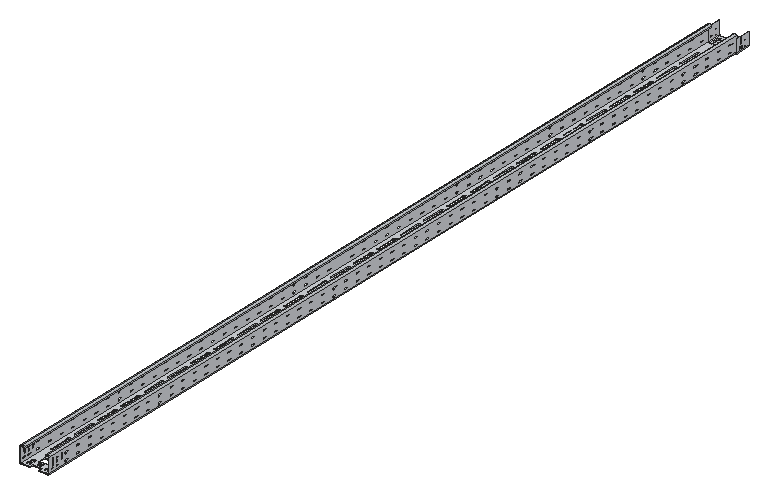
Revit family "Kabelrinne MKS Magic-MKSM Kabelrinne 1 mm, FT,FS", category Generic Models, Revit 2017 (continued)
Forms (mm)
  Extrusion 308, void
    sketch origin (0, 2236.828, 0) x (1, 0, 0) y (0, 1, 0)
      loop
        line (-15, 63.54) -> (-15, 38.12) -> (15, 38.12) -> (15, 63.54) -> (-15, 63.54)
    from 0 to 1
  Extrusion 309, void
    sketch origin (0, 2287.665, 0) x (1, 0, 0) y (0, 1, 0)
      loop
        line (-15, 63.54) -> (-15, 38.12) -> (15, 38.12) -> (15, 63.54) -> (-15, 63.54)
    from 0 to 1
  Extrusion 310, void
    sketch origin (0, 2338.502, 0) x (1, 0, 0) y (0, 1, 0)
      loop
        line (-15, 63.54) -> (-15, 38.12) -> (15, 38.12) -> (15, 63.54) -> (-15, 63.54)
    from 0 to 1
  Extrusion 311, void
    sketch origin (0, 2389.339, 0) x (1, 0, 0) y (0, 1, 0)
      loop
        line (-15, 63.54) -> (-15, 38.12) -> (15, 38.12) -> (15, 63.54) -> (-15, 63.54)
    from 0 to 1
  Extrusion 312, void
    sketch origin (0, 2440.176, 0) x (1, 0, 0) y (0, 1, 0)
      loop
        line (-15, 63.54) -> (-15, 38.12) -> (15, 38.12) -> (15, 63.54) -> (-15, 63.54)
    from 0 to 1
  Extrusion 313, void
    sketch origin (0, 2491.013, 0) x (1, 0, 0) y (0, 1, 0)
      loop
        line (-15, 63.54) -> (-15, 38.12) -> (15, 38.12) -> (15, 63.54) -> (-15, 63.54)
    from 0 to 1
  Extrusion 314, void
    sketch origin (0, 2541.85, 0) x (1, 0, 0) y (0, 1, 0)
      loop
        line (-15, 63.54) -> (-15, 38.12) -> (15, 38.12) -> (15, 63.54) -> (-15, 63.54)
    from 0 to 1
  Extrusion 315, void
    sketch origin (0, 2592.687, 0) x (1, 0, 0) y (0, 1, 0)
      loop
        line (-15, 63.54) -> (-15, 38.12) -> (15, 38.12) -> (15, 63.54) -> (-15, 63.54)
    from 0 to 1
  Extrusion 316, void
    sketch origin (0, 2643.524, 0) x (1, 0, 0) y (0, 1, 0)
      loop
        line (-15, 63.54) -> (-15, 38.12) -> (15, 38.12) -> (15, 63.54) -> (-15, 63.54)
    from 0 to 1
  Extrusion 317, void
    sketch origin (0, 2694.361, 0) x (1, 0, 0) y (0, 1, 0)
      loop
        line (-15, 63.54) -> (-15, 38.12) -> (15, 38.12) -> (15, 63.54) -> (-15, 63.54)
    from 0 to 1
  Extrusion 318, void
    sketch origin (0, 2745.198, 0) x (1, 0, 0) y (0, 1, 0)
      loop
        line (-15, 63.54) -> (-15, 38.12) -> (15, 38.12) -> (15, 63.54) -> (-15, 63.54)
    from 0 to 1
  Extrusion 319, void
    sketch origin (0, 2796.035, 0) x (1, 0, 0) y (0, 1, 0)
      loop
        line (-15, 63.54) -> (-15, 38.12) -> (15, 38.12) -> (15, 63.54) -> (-15, 63.54)
    from 0 to 1
  Extrusion 320, void
    sketch origin (0, 2846.872, 0) x (1, 0, 0) y (0, 1, 0)
      loop
        line (-15, 63.54) -> (-15, 38.12) -> (15, 38.12) -> (15, 63.54) -> (-15, 63.54)
    from 0 to 1
  Extrusion 321, void
    sketch origin (0, 2897.709, 0) x (1, 0, 0) y (0, 1, 0)
      loop
        line (-15, 63.54) -> (-15, 38.12) -> (15, 38.12) -> (15, 63.54) -> (-15, 63.54)
    from 0 to 1
  Extrusion 322, void
    sketch origin (3.693, 0, 0) x (1, 0, 0) y (0, 1, 0)
      loop
        circle (-3.693, 76.25) r 5.5
    from 0 to 1
  Extrusion 323, void
    sketch origin (3.693, 101.693, 0) x (1, 0, 0) y (0, 1, 0)
      loop
        circle (-3.693, 76.25) r 5.5
    from 0 to 1
  Extrusion 324, void
    sketch origin (3.693, 203.41, 0) x (1, 0, 0) y (0, 1, 0)
      loop
        circle (-3.693, 76.25) r 5.5
    from 0 to 1
  Extrusion 325, void
    sketch origin (3.693, 305.128, 0) x (1, 0, 0) y (0, 1, 0)
      loop
        circle (-3.693, 76.25) r 5.5
    from 0 to 1
  Extrusion 326, void
    sketch origin (3.693, 406.846, 0) x (1, 0, 0) y (0, 1, 0)
      loop
        circle (-3.693, 76.25) r 5.5
    from 0 to 1
  Extrusion 327, void
    sketch origin (3.693, 508.564, 0) x (1, 0, 0) y (0, 1, 0)
      loop
        circle (-3.693, 76.25) r 5.5
    from 0 to 1
  Extrusion 328, void
    sketch origin (3.693, 610.281, 0) x (1, 0, 0) y (0, 1, 0)
      loop
        circle (-3.693, 76.25) r 5.5
    from 0 to 1
  Extrusion 329, void
    sketch origin (3.693, 711.999, 0) x (1, 0, 0) y (0, 1, 0)
      loop
        circle (-3.693, 76.25) r 5.5
    from 0 to 1
  Extrusion 330, void
    sketch origin (3.693, 813.717, 0) x (1, 0, 0) y (0, 1, 0)
      loop
        circle (-3.693, 76.25) r 5.5
    from 0 to 1
  Extrusion 331, void
    sketch origin (3.693, 915.434, 0) x (1, 0, 0) y (0, 1, 0)
      loop
        circle (-3.693, 76.25) r 5.5
    from 0 to 1
  Extrusion 332, void
    sketch origin (3.693, 1017.152, 0) x (1, 0, 0) y (0, 1, 0)
      loop
        circle (-3.693, 76.25) r 5.5
    from 0 to 1
  Extrusion 333, void
    sketch origin (3.693, 1118.87, 0) x (1, 0, 0) y (0, 1, 0)
      loop
        circle (-3.693, 76.25) r 5.5
    from 0 to 1
  Extrusion 334, void
    sketch origin (3.693, 1220.587, 0) x (1, 0, 0) y (0, 1, 0)
      loop
        circle (-3.693, 76.25) r 5.5
    from 0 to 1
  Extrusion 335, void
    sketch origin (3.693, 1322.305, 0) x (1, 0, 0) y (0, 1, 0)
      loop
        circle (-3.693, 76.25) r 5.5
    from 0 to 1
  Extrusion 336, void
    sketch origin (3.693, 1424.023, 0) x (1, 0, 0) y (0, 1, 0)
      loop
        circle (-3.693, 76.25) r 5.5
    from 0 to 1
  Extrusion 337, void
    sketch origin (3.693, 1525.74, 0) x (1, 0, 0) y (0, 1, 0)
      loop
        circle (-3.693, 76.25) r 5.5
    from 0 to 1
  Extrusion 338, void
    sketch origin (3.693, 1627.458, 0) x (1, 0, 0) y (0, 1, 0)
      loop
        circle (-3.693, 76.25) r 5.5
    from 0 to 1
  Extrusion 339, void
    sketch origin (3.693, 1729.176, 0) x (1, 0, 0) y (0, 1, 0)
      loop
        circle (-3.693, 76.25) r 5.5
    from 0 to 1
  Extrusion 340, void
    sketch origin (3.693, 1830.893, 0) x (1, 0, 0) y (0, 1, 0)
      loop
        circle (-3.693, 76.25) r 5.5
    from 0 to 1
  Extrusion 341, void
    sketch origin (3.693, 1932.611, 0) x (1, 0, 0) y (0, 1, 0)
      loop
        circle (-3.693, 76.25) r 5.5
    from 0 to 1
  Extrusion 342, void
    sketch origin (3.693, 2034.329, 0) x (1, 0, 0) y (0, 1, 0)
      loop
        circle (-3.693, 76.25) r 5.5
    from 0 to 1
  Extrusion 343, void
    sketch origin (3.693, 2136.046, 0) x (1, 0, 0) y (0, 1, 0)
      loop
        circle (-3.693, 76.25) r 5.5
    from 0 to 1
  Extrusion 344, void
    sketch origin (3.693, 2237.764, 0) x (1, 0, 0) y (0, 1, 0)
      loop
        circle (-3.693, 76.25) r 5.5
    from 0 to 1
  Extrusion 345, void
    sketch origin (3.693, 2339.482, 0) x (1, 0, 0) y (0, 1, 0)
      loop
        circle (-3.693, 76.25) r 5.5
    from 0 to 1
  Extrusion 346, void
    sketch origin (3.693, 2441.199, 0) x (1, 0, 0) y (0, 1, 0)
      loop
        circle (-3.693, 76.25) r 5.5
    from 0 to 1
  Extrusion 347, void
    sketch origin (3.693, 2542.917, 0) x (1, 0, 0) y (0, 1, 0)
      loop
        circle (-3.693, 76.25) r 5.5
    from 0 to 1
  Extrusion 348, void
    sketch origin (3.693, 2644.635, 0) x (1, 0, 0) y (0, 1, 0)
      loop
        circle (-3.693, 76.25) r 5.5
    from 0 to 1
  Extrusion 349, void
    sketch origin (3.693, 2746.352, 0) x (1, 0, 0) y (0, 1, 0)
      loop
        circle (-3.693, 76.25) r 5.5
    from 0 to 1
  Extrusion 350, void
    sketch origin (3.693, 2848.07, 0) x (1, 0, 0) y (0, 1, 0)
      loop
        circle (-3.693, 76.25) r 5.5
    from 0 to 1
  Extrusion 351, solid
    sketch origin (0, 0, 0) x (1, 0, 0) y (0, 0, 1)
      loop
        line (-24.999, 0) -> (-26.984, 0) -> (-31, -2.342) -> (-35.014, 0) -> (-36.999, 0) -> (-31, -3.5) -> (-24.999, 0)
      loop
        line (31.001, -3.5) -> (37.001, 0) -> (35.017, 0) -> (31.001, -2.342) -> (26.986, 0) -> (25.001, 0) -> (31.001, -3.5)
    from -20.5 to -14
  Extrusion 352, void
    sketch origin (0, 0, 0) x (1, 0, 0) y (0, 1, 0)
      loop
        arc (7, 28.986) -> (6.707, 29.693) -> (6, 29.986) r 1
        line (6, 29.986) -> (-6.011, 29.986)
        arc (-6.011, 29.986) -> (-7.006, 29.05) -> (-6.133, 28) r 0.997
        line (-6.133, 28) -> (3.208, 26.853)
        arc (3.208, 26.853) -> (5.008, 24.782) -> (3.137, 22.774) r 2.051
        line (3.137, 22.774) -> (-6.087, 21.967)
        arc (-6.087, 21.967) -> (-6.996, 20.931) -> (-6, 19.977) r 0.997
        line (-6, 19.977) -> (6, 19.977)
        arc (6, 19.977) -> (6.707, 20.27) -> (7, 20.977) r 1
        line (7, 20.977) -> (7, 28.986)
    from 0 to 1
  Extrusion 353, solid
    sketch origin (0, 50.5, 0) x (1, 0, 0) y (0, 0, -1)
      loop
        line (-24.999, 0) -> (-31, 3.5) -> (-36.999, 0) -> (-35.014, 0) -> (-31, 2.342) -> (-26.984, 0) -> (-24.999, 0)
      loop
        line (31.001, 3.5) -> (25.001, 0) -> (26.986, 0) -> (31.001, 2.342) -> (35.017, 0) -> (37.001, 0) -> (31.001, 3.5)
    from -20.5 to -14
  Extrusion 354, void
    sketch origin (0, 0, 0) x (1, 0, 0) y (0, 1, 0)
      loop
        line (-36.999, 36.5) -> (-36.999, 30) -> (-24.999, 30) -> (-24.999, 36.5) -> (-36.999, 36.5)
      loop
        line (25.001, 36.5) -> (25.001, 30) -> (37.001, 30) -> (37.001, 36.5) -> (25.001, 36.5)
    from 0 to 1
  Extrusion 355, void
    sketch origin (0, 0, 0) x (1, 0, 0) y (0, 1, 0)
      loop
        line (-36.999, 20.5) -> (-36.999, 14) -> (-24.999, 14) -> (-24.999, 20.5) -> (-36.999, 20.5)
      loop
        line (25.001, 20.5) -> (25.001, 14) -> (37.001, 14) -> (37.001, 20.5) -> (25.001, 20.5)
    from 0 to 1
  Extrusion 356, void
    sketch origin (0, 0, 0) x (1, 0, 0) y (0, 1, 0)
      loop
        arc (-34.499, 116.346) -> (-30.999, 112.846) -> (-27.499, 116.346) r 3.5
        line (-27.499, 116.346) -> (-27.499, 188.439)
        arc (-27.499, 188.439) -> (-30.999, 191.939) -> (-34.499, 188.439) r 3.5
        line (-34.499, 188.439) -> (-34.499, 116.346)
    from 0 to 1
  Extrusion 357, void
    sketch origin (0, 101.686, 0) x (1, 0, 0) y (0, 1, 0)
      loop
        arc (-34.499, 116.346) -> (-30.999, 112.846) -> (-27.499, 116.346) r 3.5
        line (-27.499, 116.346) -> (-27.499, 188.439)
        arc (-27.499, 188.439) -> (-30.999, 191.939) -> (-34.499, 188.439) r 3.5
        line (-34.499, 188.439) -> (-34.499, 116.346)
    from 0 to 1
  Extrusion 358, void
    sketch origin (0, 203.366, 0) x (1, 0, 0) y (0, 1, 0)
      loop
        arc (-34.499, 116.346) -> (-30.999, 112.846) -> (-27.499, 116.346) r 3.5
        line (-27.499, 116.346) -> (-27.499, 188.439)
        arc (-27.499, 188.439) -> (-30.999, 191.939) -> (-34.499, 188.439) r 3.5
        line (-34.499, 188.439) -> (-34.499, 116.346)
    from 0 to 1
  Extrusion 359, void
    sketch origin (0, 305.046, 0) x (1, 0, 0) y (0, 1, 0)
      loop
        arc (-34.499, 116.346) -> (-30.999, 112.846) -> (-27.499, 116.346) r 3.5
        line (-27.499, 116.346) -> (-27.499, 188.439)
        arc (-27.499, 188.439) -> (-30.999, 191.939) -> (-34.499, 188.439) r 3.5
        line (-34.499, 188.439) -> (-34.499, 116.346)
    from 0 to 1
  Extrusion 360, void
    sketch origin (0, 406.726, 0) x (1, 0, 0) y (0, 1, 0)
      loop
        arc (-34.499, 116.346) -> (-30.999, 112.846) -> (-27.499, 116.346) r 3.5
        line (-27.499, 116.346) -> (-27.499, 188.439)
        arc (-27.499, 188.439) -> (-30.999, 191.939) -> (-34.499, 188.439) r 3.5
        line (-34.499, 188.439) -> (-34.499, 116.346)
    from 0 to 1
  Extrusion 361, void
    sketch origin (0, 508.406, 0) x (1, 0, 0) y (0, 1, 0)
      loop
        arc (-34.499, 116.346) -> (-30.999, 112.846) -> (-27.499, 116.346) r 3.5
        line (-27.499, 116.346) -> (-27.499, 188.439)
        arc (-27.499, 188.439) -> (-30.999, 191.939) -> (-34.499, 188.439) r 3.5
        line (-34.499, 188.439) -> (-34.499, 116.346)
    from 0 to 1
  Extrusion 362, void
    sketch origin (0, 610.086, 0) x (1, 0, 0) y (0, 1, 0)
      loop
        arc (-34.499, 116.346) -> (-30.999, 112.846) -> (-27.499, 116.346) r 3.5
        line (-27.499, 116.346) -> (-27.499, 188.439)
        arc (-27.499, 188.439) -> (-30.999, 191.939) -> (-34.499, 188.439) r 3.5
        line (-34.499, 188.439) -> (-34.499, 116.346)
    from 0 to 1
  Extrusion 363, void
    sketch origin (0, 711.766, 0) x (1, 0, 0) y (0, 1, 0)
      loop
        arc (-34.499, 116.346) -> (-30.999, 112.846) -> (-27.499, 116.346) r 3.5
        line (-27.499, 116.346) -> (-27.499, 188.439)
        arc (-27.499, 188.439) -> (-30.999, 191.939) -> (-34.499, 188.439) r 3.5
        line (-34.499, 188.439) -> (-34.499, 116.346)
    from 0 to 1
  Extrusion 364, void
    sketch origin (0, 813.446, 0) x (1, 0, 0) y (0, 1, 0)
      loop
        arc (-34.499, 116.346) -> (-30.999, 112.846) -> (-27.499, 116.346) r 3.5
        line (-27.499, 116.346) -> (-27.499, 188.439)
        arc (-27.499, 188.439) -> (-30.999, 191.939) -> (-34.499, 188.439) r 3.5
        line (-34.499, 188.439) -> (-34.499, 116.346)
    from 0 to 1
  Extrusion 365, void
    sketch origin (0, 915.126, 0) x (1, 0, 0) y (0, 1, 0)
      loop
        arc (-34.499, 116.346) -> (-30.999, 112.846) -> (-27.499, 116.346) r 3.5
        line (-27.499, 116.346) -> (-27.499, 188.439)
        arc (-27.499, 188.439) -> (-30.999, 191.939) -> (-34.499, 188.439) r 3.5
        line (-34.499, 188.439) -> (-34.499, 116.346)
    from 0 to 1
  Extrusion 366, void
    sketch origin (0, 1016.806, 0) x (1, 0, 0) y (0, 1, 0)
      loop
        arc (-34.499, 116.346) -> (-30.999, 112.846) -> (-27.499, 116.346) r 3.5
        line (-27.499, 116.346) -> (-27.499, 188.439)
        arc (-27.499, 188.439) -> (-30.999, 191.939) -> (-34.499, 188.439) r 3.5
        line (-34.499, 188.439) -> (-34.499, 116.346)
    from 0 to 1
  Extrusion 367, void
    sketch origin (0, 1118.486, 0) x (1, 0, 0) y (0, 1, 0)
      loop
        arc (-34.499, 116.346) -> (-30.999, 112.846) -> (-27.499, 116.346) r 3.5
        line (-27.499, 116.346) -> (-27.499, 188.439)
        arc (-27.499, 188.439) -> (-30.999, 191.939) -> (-34.499, 188.439) r 3.5
        line (-34.499, 188.439) -> (-34.499, 116.346)
    from 0 to 1
  Extrusion 368, void
    sketch origin (0, 1220.166, 0) x (1, 0, 0) y (0, 1, 0)
      loop
        arc (-34.499, 116.346) -> (-30.999, 112.846) -> (-27.499, 116.346) r 3.5
        line (-27.499, 116.346) -> (-27.499, 188.439)
        arc (-27.499, 188.439) -> (-30.999, 191.939) -> (-34.499, 188.439) r 3.5
        line (-34.499, 188.439) -> (-34.499, 116.346)
    from 0 to 1
  Extrusion 369, void
    sketch origin (0, 1321.846, 0) x (1, 0, 0) y (0, 1, 0)
      loop
        arc (-34.499, 116.346) -> (-30.999, 112.846) -> (-27.499, 116.346) r 3.5
        line (-27.499, 116.346) -> (-27.499, 188.439)
        arc (-27.499, 188.439) -> (-30.999, 191.939) -> (-34.499, 188.439) r 3.5
        line (-34.499, 188.439) -> (-34.499, 116.346)
    from 0 to 1
  Extrusion 370, void
    sketch origin (0, 1423.526, 0) x (1, 0, 0) y (0, 1, 0)
      loop
        arc (-34.499, 116.346) -> (-30.999, 112.846) -> (-27.499, 116.346) r 3.5
        line (-27.499, 116.346) -> (-27.499, 188.439)
        arc (-27.499, 188.439) -> (-30.999, 191.939) -> (-34.499, 188.439) r 3.5
        line (-34.499, 188.439) -> (-34.499, 116.346)
    from 0 to 1
  Extrusion 371, void
    sketch origin (0, 1525.206, 0) x (1, 0, 0) y (0, 1, 0)
      loop
        arc (-34.499, 116.346) -> (-30.999, 112.846) -> (-27.499, 116.346) r 3.5
        line (-27.499, 116.346) -> (-27.499, 188.439)
        arc (-27.499, 188.439) -> (-30.999, 191.939) -> (-34.499, 188.439) r 3.5
        line (-34.499, 188.439) -> (-34.499, 116.346)
    from 0 to 1
  Extrusion 372, void
    sketch origin (0, 1626.886, 0) x (1, 0, 0) y (0, 1, 0)
      loop
        arc (-34.499, 116.346) -> (-30.999, 112.846) -> (-27.499, 116.346) r 3.5
        line (-27.499, 116.346) -> (-27.499, 188.439)
        arc (-27.499, 188.439) -> (-30.999, 191.939) -> (-34.499, 188.439) r 3.5
        line (-34.499, 188.439) -> (-34.499, 116.346)
    from 0 to 1
  Extrusion 373, void
    sketch origin (0, 1728.566, 0) x (1, 0, 0) y (0, 1, 0)
      loop
        arc (-34.499, 116.346) -> (-30.999, 112.846) -> (-27.499, 116.346) r 3.5
        line (-27.499, 116.346) -> (-27.499, 188.439)
        arc (-27.499, 188.439) -> (-30.999, 191.939) -> (-34.499, 188.439) r 3.5
        line (-34.499, 188.439) -> (-34.499, 116.346)
    from 0 to 1
  Extrusion 374, void
    sketch origin (0, 1830.246, 0) x (1, 0, 0) y (0, 1, 0)
      loop
        arc (-34.499, 116.346) -> (-30.999, 112.846) -> (-27.499, 116.346) r 3.5
        line (-27.499, 116.346) -> (-27.499, 188.439)
        arc (-27.499, 188.439) -> (-30.999, 191.939) -> (-34.499, 188.439) r 3.5
        line (-34.499, 188.439) -> (-34.499, 116.346)
    from 0 to 1
  Extrusion 375, void
    sketch origin (0, 1931.926, 0) x (1, 0, 0) y (0, 1, 0)
      loop
        arc (-34.499, 116.346) -> (-30.999, 112.846) -> (-27.499, 116.346) r 3.5
        line (-27.499, 116.346) -> (-27.499, 188.439)
        arc (-27.499, 188.439) -> (-30.999, 191.939) -> (-34.499, 188.439) r 3.5
        line (-34.499, 188.439) -> (-34.499, 116.346)
    from 0 to 1
  Extrusion 376, void
    sketch origin (0, 2033.606, 0) x (1, 0, 0) y (0, 1, 0)
      loop
        arc (-34.499, 116.346) -> (-30.999, 112.846) -> (-27.499, 116.346) r 3.5
        line (-27.499, 116.346) -> (-27.499, 188.439)
        arc (-27.499, 188.439) -> (-30.999, 191.939) -> (-34.499, 188.439) r 3.5
        line (-34.499, 188.439) -> (-34.499, 116.346)
    from 0 to 1
  Extrusion 377, void
    sketch origin (0, 2135.286, 0) x (1, 0, 0) y (0, 1, 0)
      loop
        arc (-34.499, 116.346) -> (-30.999, 112.846) -> (-27.499, 116.346) r 3.5
        line (-27.499, 116.346) -> (-27.499, 188.439)
        arc (-27.499, 188.439) -> (-30.999, 191.939) -> (-34.499, 188.439) r 3.5
        line (-34.499, 188.439) -> (-34.499, 116.346)
    from 0 to 1
  Extrusion 378, void
    sketch origin (0, 2236.965, 0) x (1, 0, 0) y (0, 1, 0)
      loop
        arc (-34.499, 116.346) -> (-30.999, 112.846) -> (-27.499, 116.346) r 3.5
        line (-27.499, 116.346) -> (-27.499, 188.439)
        arc (-27.499, 188.439) -> (-30.999, 191.939) -> (-34.499, 188.439) r 3.5
        line (-34.499, 188.439) -> (-34.499, 116.346)
    from 0 to 1
  Extrusion 379, void
    sketch origin (0, 2338.645, 0) x (1, 0, 0) y (0, 1, 0)
      loop
        arc (-34.499, 116.346) -> (-30.999, 112.846) -> (-27.499, 116.346) r 3.5
        line (-27.499, 116.346) -> (-27.499, 188.439)
        arc (-27.499, 188.439) -> (-30.999, 191.939) -> (-34.499, 188.439) r 3.5
        line (-34.499, 188.439) -> (-34.499, 116.346)
    from 0 to 1
  Extrusion 380, void
    sketch origin (0, 2440.325, 0) x (1, 0, 0) y (0, 1, 0)
      loop
        arc (-34.499, 116.346) -> (-30.999, 112.846) -> (-27.499, 116.346) r 3.5
        line (-27.499, 116.346) -> (-27.499, 188.439)
        arc (-27.499, 188.439) -> (-30.999, 191.939) -> (-34.499, 188.439) r 3.5
        line (-34.499, 188.439) -> (-34.499, 116.346)
    from 0 to 1
  Extrusion 381, void
    sketch origin (0, 2542.005, 0) x (1, 0, 0) y (0, 1, 0)
      loop
        arc (-34.499, 116.346) -> (-30.999, 112.846) -> (-27.499, 116.346) r 3.5
        line (-27.499, 116.346) -> (-27.499, 188.439)
        arc (-27.499, 188.439) -> (-30.999, 191.939) -> (-34.499, 188.439) r 3.5
        line (-34.499, 188.439) -> (-34.499, 116.346)
    from 0 to 1
  Extrusion 382, void
    sketch origin (0, 2643.685, 0) x (1, 0, 0) y (0, 1, 0)
      loop
        arc (-34.499, 116.346) -> (-30.999, 112.846) -> (-27.499, 116.346) r 3.5
        line (-27.499, 116.346) -> (-27.499, 188.439)
        arc (-27.499, 188.439) -> (-30.999, 191.939) -> (-34.499, 188.439) r 3.5
        line (-34.499, 188.439) -> (-34.499, 116.346)
    from 0 to 1
  Extrusion 383, void
    sketch origin (0, 2745.365, 0) x (1, 0, 0) y (0, 1, 0)
      loop
        arc (-34.499, 116.346) -> (-30.999, 112.846) -> (-27.499, 116.346) r 3.5
        line (-27.499, 116.346) -> (-27.499, 188.439)
        arc (-27.499, 188.439) -> (-30.999, 191.939) -> (-34.499, 188.439) r 3.5
        line (-34.499, 188.439) -> (-34.499, 116.346)
    from 0 to 1
  Extrusion 384, void
    sketch origin (0, 0, 0) x (1, 0, 0) y (0, 1, 0)
      loop
        arc (27.501, 116.415) -> (31.001, 112.915) -> (34.501, 116.415) r 3.5
        line (34.501, 116.415) -> (34.501, 188.377)
        arc (34.501, 188.377) -> (31.001, 191.877) -> (27.501, 188.377) r 3.5
        line (27.501, 188.377) -> (27.501, 116.415)
    from 0 to 1
  Extrusion 385, void
    sketch origin (0, 101.703, 0) x (1, 0, 0) y (0, 1, 0)
      loop
        arc (27.501, 116.415) -> (31.001, 112.915) -> (34.501, 116.415) r 3.5
        line (34.501, 116.415) -> (34.501, 188.377)
        arc (34.501, 188.377) -> (31.001, 191.877) -> (27.501, 188.377) r 3.5
        line (27.501, 188.377) -> (27.501, 116.415)
    from 0 to 1
  Extrusion 386, void
    sketch origin (0, 203.385, 0) x (1, 0, 0) y (0, 1, 0)
      loop
        arc (27.501, 116.415) -> (31.001, 112.915) -> (34.501, 116.415) r 3.5
        line (34.501, 116.415) -> (34.501, 188.377)
        arc (34.501, 188.377) -> (31.001, 191.877) -> (27.501, 188.377) r 3.5
        line (27.501, 188.377) -> (27.501, 116.415)
    from 0 to 1
  Extrusion 387, void
    sketch origin (0, 305.068, 0) x (1, 0, 0) y (0, 1, 0)
      loop
        arc (27.501, 116.415) -> (31.001, 112.915) -> (34.501, 116.415) r 3.5
        line (34.501, 116.415) -> (34.501, 188.377)
        arc (34.501, 188.377) -> (31.001, 191.877) -> (27.501, 188.377) r 3.5
        line (27.501, 188.377) -> (27.501, 116.415)
    from 0 to 1
  Extrusion 388, void
    sketch origin (0, 406.75, 0) x (1, 0, 0) y (0, 1, 0)
      loop
        arc (27.501, 116.415) -> (31.001, 112.915) -> (34.501, 116.415) r 3.5
        line (34.501, 116.415) -> (34.501, 188.377)
        arc (34.501, 188.377) -> (31.001, 191.877) -> (27.501, 188.377) r 3.5
        line (27.501, 188.377) -> (27.501, 116.415)
    from 0 to 1
  Extrusion 389, void
    sketch origin (0, 508.433, 0) x (1, 0, 0) y (0, 1, 0)
      loop
        arc (27.501, 116.415) -> (31.001, 112.915) -> (34.501, 116.415) r 3.5
        line (34.501, 116.415) -> (34.501, 188.377)
        arc (34.501, 188.377) -> (31.001, 191.877) -> (27.501, 188.377) r 3.5
        line (27.501, 188.377) -> (27.501, 116.415)
    from 0 to 1
  Extrusion 390, void
    sketch origin (0, 610.115, 0) x (1, 0, 0) y (0, 1, 0)
      loop
        arc (27.501, 116.415) -> (31.001, 112.915) -> (34.501, 116.415) r 3.5
        line (34.501, 116.415) -> (34.501, 188.377)
        arc (34.501, 188.377) -> (31.001, 191.877) -> (27.501, 188.377) r 3.5
        line (27.501, 188.377) -> (27.501, 116.415)
    from 0 to 1
  Extrusion 391, void
    sketch origin (0, 711.798, 0) x (1, 0, 0) y (0, 1, 0)
      loop
        arc (27.501, 116.415) -> (31.001, 112.915) -> (34.501, 116.415) r 3.5
        line (34.501, 116.415) -> (34.501, 188.377)
        arc (34.501, 188.377) -> (31.001, 191.877) -> (27.501, 188.377) r 3.5
        line (27.501, 188.377) -> (27.501, 116.415)
    from 0 to 1
  Extrusion 392, void
    sketch origin (0, 813.481, 0) x (1, 0, 0) y (0, 1, 0)
      loop
        arc (27.501, 116.415) -> (31.001, 112.915) -> (34.501, 116.415) r 3.5
        line (34.501, 116.415) -> (34.501, 188.377)
        arc (34.501, 188.377) -> (31.001, 191.877) -> (27.501, 188.377) r 3.5
        line (27.501, 188.377) -> (27.501, 116.415)
    from 0 to 1
  Extrusion 393, void
    sketch origin (0, 915.163, 0) x (1, 0, 0) y (0, 1, 0)
      loop
        arc (27.501, 116.415) -> (31.001, 112.915) -> (34.501, 116.415) r 3.5
        line (34.501, 116.415) -> (34.501, 188.377)
        arc (34.501, 188.377) -> (31.001, 191.877) -> (27.501, 188.377) r 3.5
        line (27.501, 188.377) -> (27.501, 116.415)
    from 0 to 1
  Extrusion 394, void
    sketch origin (0, 1016.846, 0) x (1, 0, 0) y (0, 1, 0)
      loop
        arc (27.501, 116.415) -> (31.001, 112.915) -> (34.501, 116.415) r 3.5
        line (34.501, 116.415) -> (34.501, 188.377)
        arc (34.501, 188.377) -> (31.001, 191.877) -> (27.501, 188.377) r 3.5
        line (27.501, 188.377) -> (27.501, 116.415)
    from 0 to 1
  Extrusion 395, void
    sketch origin (0, 1118.528, 0) x (1, 0, 0) y (0, 1, 0)
      loop
        arc (27.501, 116.415) -> (31.001, 112.915) -> (34.501, 116.415) r 3.5
        line (34.501, 116.415) -> (34.501, 188.377)
        arc (34.501, 188.377) -> (31.001, 191.877) -> (27.501, 188.377) r 3.5
        line (27.501, 188.377) -> (27.501, 116.415)
    from 0 to 1
  Extrusion 396, void
    sketch origin (0, 1220.211, 0) x (1, 0, 0) y (0, 1, 0)
      loop
        arc (27.501, 116.415) -> (31.001, 112.915) -> (34.501, 116.415) r 3.5
        line (34.501, 116.415) -> (34.501, 188.377)
        arc (34.501, 188.377) -> (31.001, 191.877) -> (27.501, 188.377) r 3.5
        line (27.501, 188.377) -> (27.501, 116.415)
    from 0 to 1
  Extrusion 397, void
    sketch origin (0, 1321.893, 0) x (1, 0, 0) y (0, 1, 0)
      loop
        arc (27.501, 116.415) -> (31.001, 112.915) -> (34.501, 116.415) r 3.5
        line (34.501, 116.415) -> (34.501, 188.377)
        arc (34.501, 188.377) -> (31.001, 191.877) -> (27.501, 188.377) r 3.5
        line (27.501, 188.377) -> (27.501, 116.415)
    from 0 to 1
  Extrusion 398, void
    sketch origin (0, 1423.576, 0) x (1, 0, 0) y (0, 1, 0)
      loop
        arc (27.501, 116.415) -> (31.001, 112.915) -> (34.501, 116.415) r 3.5
        line (34.501, 116.415) -> (34.501, 188.377)
        arc (34.501, 188.377) -> (31.001, 191.877) -> (27.501, 188.377) r 3.5
        line (27.501, 188.377) -> (27.501, 116.415)
    from 0 to 1
  Extrusion 399, void
    sketch origin (0, 1525.259, 0) x (1, 0, 0) y (0, 1, 0)
      loop
        arc (27.501, 116.415) -> (31.001, 112.915) -> (34.501, 116.415) r 3.5
        line (34.501, 116.415) -> (34.501, 188.377)
        arc (34.501, 188.377) -> (31.001, 191.877) -> (27.501, 188.377) r 3.5
        line (27.501, 188.377) -> (27.501, 116.415)
    from 0 to 1
  Extrusion 400, void
    sketch origin (0, 1626.941, 0) x (1, 0, 0) y (0, 1, 0)
      loop
        arc (27.501, 116.415) -> (31.001, 112.915) -> (34.501, 116.415) r 3.5
        line (34.501, 116.415) -> (34.501, 188.377)
        arc (34.501, 188.377) -> (31.001, 191.877) -> (27.501, 188.377) r 3.5
        line (27.501, 188.377) -> (27.501, 116.415)
    from 0 to 1
  Extrusion 401, void
    sketch origin (0, 1728.624, 0) x (1, 0, 0) y (0, 1, 0)
      loop
        arc (27.501, 116.415) -> (31.001, 112.915) -> (34.501, 116.415) r 3.5
        line (34.501, 116.415) -> (34.501, 188.377)
        arc (34.501, 188.377) -> (31.001, 191.877) -> (27.501, 188.377) r 3.5
        line (27.501, 188.377) -> (27.501, 116.415)
    from 0 to 1
  Extrusion 402, void
    sketch origin (0, 1830.306, 0) x (1, 0, 0) y (0, 1, 0)
      loop
        arc (27.501, 116.415) -> (31.001, 112.915) -> (34.501, 116.415) r 3.5
        line (34.501, 116.415) -> (34.501, 188.377)
        arc (34.501, 188.377) -> (31.001, 191.877) -> (27.501, 188.377) r 3.5
        line (27.501, 188.377) -> (27.501, 116.415)
    from 0 to 1
  Extrusion 403, void
    sketch origin (0, 1931.989, 0) x (1, 0, 0) y (0, 1, 0)
      loop
        arc (27.501, 116.415) -> (31.001, 112.915) -> (34.501, 116.415) r 3.5
        line (34.501, 116.415) -> (34.501, 188.377)
        arc (34.501, 188.377) -> (31.001, 191.877) -> (27.501, 188.377) r 3.5
        line (27.501, 188.377) -> (27.501, 116.415)
    from 0 to 1
  Extrusion 404, void
    sketch origin (0, 2033.671, 0) x (1, 0, 0) y (0, 1, 0)
      loop
        arc (27.501, 116.415) -> (31.001, 112.915) -> (34.501, 116.415) r 3.5
        line (34.501, 116.415) -> (34.501, 188.377)
        arc (34.501, 188.377) -> (31.001, 191.877) -> (27.501, 188.377) r 3.5
        line (27.501, 188.377) -> (27.501, 116.415)
    from 0 to 1
  Extrusion 405, void
    sketch origin (0, 2135.354, 0) x (1, 0, 0) y (0, 1, 0)
      loop
        arc (27.501, 116.415) -> (31.001, 112.915) -> (34.501, 116.415) r 3.5
        line (34.501, 116.415) -> (34.501, 188.377)
        arc (34.501, 188.377) -> (31.001, 191.877) -> (27.501, 188.377) r 3.5
        line (27.501, 188.377) -> (27.501, 116.415)
    from 0 to 1
  Extrusion 406, void
    sketch origin (0, 2237.036, 0) x (1, 0, 0) y (0, 1, 0)
      loop
        arc (27.501, 116.415) -> (31.001, 112.915) -> (34.501, 116.415) r 3.5
        line (34.501, 116.415) -> (34.501, 188.377)
        arc (34.501, 188.377) -> (31.001, 191.877) -> (27.501, 188.377) r 3.5
        line (27.501, 188.377) -> (27.501, 116.415)
    from 0 to 1
  Extrusion 407, void
    sketch origin (0, 2338.719, 0) x (1, 0, 0) y (0, 1, 0)
      loop
        arc (27.501, 116.415) -> (31.001, 112.915) -> (34.501, 116.415) r 3.5
        line (34.501, 116.415) -> (34.501, 188.377)
        arc (34.501, 188.377) -> (31.001, 191.877) -> (27.501, 188.377) r 3.5
        line (27.501, 188.377) -> (27.501, 116.415)
    from 0 to 1
  Extrusion 408, void
    sketch origin (0, 2440.402, 0) x (1, 0, 0) y (0, 1, 0)
      loop
        arc (27.501, 116.415) -> (31.001, 112.915) -> (34.501, 116.415) r 3.5
        line (34.501, 116.415) -> (34.501, 188.377)
        arc (34.501, 188.377) -> (31.001, 191.877) -> (27.501, 188.377) r 3.5
        line (27.501, 188.377) -> (27.501, 116.415)
    from 0 to 1
  Extrusion 409, void
    sketch origin (0, 2542.084, 0) x (1, 0, 0) y (0, 1, 0)
      loop
        arc (27.501, 116.415) -> (31.001, 112.915) -> (34.501, 116.415) r 3.5
        line (34.501, 116.415) -> (34.501, 188.377)
        arc (34.501, 188.377) -> (31.001, 191.877) -> (27.501, 188.377) r 3.5
        line (27.501, 188.377) -> (27.501, 116.415)
    from 0 to 1
  Extrusion 410, void
    sketch origin (0, 2643.767, 0) x (1, 0, 0) y (0, 1, 0)
      loop
        arc (27.501, 116.415) -> (31.001, 112.915) -> (34.501, 116.415) r 3.5
        line (34.501, 116.415) -> (34.501, 188.377)
        arc (34.501, 188.377) -> (31.001, 191.877) -> (27.501, 188.377) r 3.5
        line (27.501, 188.377) -> (27.501, 116.415)
    from 0 to 1
  Extrusion 411, void
    sketch origin (0, 2745.449, 0) x (1, 0, 0) y (0, 1, 0)
      loop
        arc (27.501, 116.415) -> (31.001, 112.915) -> (34.501, 116.415) r 3.5
        line (34.501, 116.415) -> (34.501, 188.377)
        arc (34.501, 188.377) -> (31.001, 191.877) -> (27.501, 188.377) r 3.5
        line (27.501, 188.377) -> (27.501, 116.415)
    from 0 to 1
Cuts and joins
  Extrusion 3, Extrusion 4, Extrusion 5, Extrusion 6, Extrusion 7, Extrusion 8, Extrusion 9, Extrusion 10, Extrusion 11, Extrusion 12, Extrusion 13, Extrusion 14, Extrusion 30, Extrusion 31, Extrusion 32, Extrusion 33, Extrusion 34, Extrusion 35, Extrusion 36, Extrusion 37, Extrusion 38, Extrusion 39, Extrusion 40, Extrusion 41, Extrusion 42, Extrusion 43, Extrusion 44, Extrusion 45, Extrusion 46, Extrusion 47, Extrusion 48, Extrusion 49, Extrusion 50, Extrusion 51, Extrusion 52, Extrusion 53, Extrusion 54, Extrusion 55, Extrusion 56, Extrusion 57, Extrusion 58, Extrusion 59, Extrusion 60, Extrusion 61, Extrusion 62, Extrusion 63, Extrusion 64, Extrusion 65, Extrusion 66, Extrusion 67, Extrusion 68, Extrusion 69, Extrusion 70, Extrusion 71, Extrusion 72, Extrusion 73, Extrusion 74, Extrusion 75, Extrusion 76, Extrusion 77, Extrusion 78, Extrusion 79, Extrusion 80, Extrusion 81, Extrusion 82, Extrusion 83, Extrusion 84, Extrusion 85, Extrusion 86, Extrusion 87, Extrusion 88, Extrusion 89, Extrusion 90, Extrusion 91, Extrusion 92, Extrusion 93, Extrusion 94, Extrusion 95, Extrusion 96, Extrusion 97, Extrusion 98, Extrusion 99, Extrusion 100, Extrusion 101, Extrusion 102, Extrusion 103, Extrusion 104, Extrusion 105, Extrusion 106, Extrusion 107, Extrusion 108, Extrusion 109, Extrusion 110, Extrusion 111, Extrusion 112, Extrusion 113, Extrusion 114, Extrusion 115, Extrusion 116, Extrusion 117, Extrusion 118, Extrusion 119, Extrusion 120, Extrusion 121, Extrusion 122, Extrusion 123, Extrusion 124, Extrusion 125, Extrusion 126, Extrusion 127, Extrusion 128, Extrusion 129, Extrusion 130, Extrusion 131, Extrusion 132, Extrusion 133, Extrusion 134, Extrusion 135, Extrusion 136, Extrusion 137, Extrusion 138, Extrusion 139, Extrusion 140, Extrusion 141, Extrusion 142, Extrusion 143, Extrusion 144, Extrusion 145, Extrusion 146, Extrusion 147, Extrusion 148, Extrusion 149, Extrusion 150, Extrusion 151, Extrusion 152, Extrusion 153, Extrusion 154, Extrusion 155, Extrusion 156, Extrusion 157, Extrusion 158, Extrusion 159, Extrusion 160, Extrusion 161, Extrusion 162, Extrusion 163, Extrusion 164, Extrusion 165, Extrusion 166, Extrusion 167, Extrusion 168, Extrusion 169, Extrusion 170, Extrusion 171, Extrusion 172, Extrusion 173, Extrusion 174, Extrusion 175, Extrusion 176, Extrusion 177, Extrusion 178, Extrusion 179, Extrusion 180, Extrusion 181, Extrusion 182, Extrusion 183, Extrusion 184, Extrusion 185, Extrusion 186, Extrusion 187, Extrusion 188, Extrusion 189, Extrusion 190, Extrusion 191, Extrusion 192, Extrusion 193, Extrusion 194, Extrusion 195, Extrusion 196, Extrusion 197, Extrusion 198, Extrusion 199, Extrusion 200, Extrusion 201, Extrusion 202, Extrusion 203, Extrusion 204, Extrusion 205, Extrusion 206, Extrusion 207, Extrusion 208, Extrusion 209, Extrusion 210, Extrusion 211, Extrusion 212, Extrusion 213, Extrusion 214, Extrusion 215, Extrusion 216, Extrusion 217, Extrusion 218, Extrusion 219, Extrusion 220, Extrusion 221, Extrusion 222, Extrusion 223, Extrusion 224, Extrusion 225, Extrusion 226, Extrusion 227, Extrusion 228, Extrusion 229, Extrusion 230, Extrusion 231, Extrusion 232, Extrusion 233, Extrusion 234, Extrusion 235, Extrusion 236, Extrusion 237, Extrusion 238, Extrusion 239, Extrusion 240, Extrusion 241, Extrusion 242, Extrusion 243, Extrusion 244, Extrusion 245, Extrusion 246, Extrusion 247, Extrusion 248, Extrusion 249, Extrusion 250, Extrusion 251, Extrusion 252, Extrusion 253, Extrusion 254, Extrusion 255, Extrusion 256, Extrusion 257, Extrusion 258, Extrusion 259, Extrusion 260, Extrusion 262, Extrusion 263, Extrusion 264, Extrusion 265, Extrusion 266, Extrusion 267, Extrusion 268, Extrusion 269, Extrusion 270, Extrusion 271, Extrusion 272, Extrusion 273, Extrusion 274, Extrusion 275, Extrusion 276, Extrusion 277, Extrusion 278, Extrusion 279, Extrusion 280, Extrusion 281, Extrusion 282, Extrusion 283, Extrusion 284, Extrusion 285, Extrusion 286, Extrusion 287, Extrusion 288, Extrusion 289, Extrusion 290, Extrusion 291, Extrusion 292, Extrusion 293, Extrusion 294, Extrusion 295, Extrusion 296, Extrusion 297, Extrusion 298, Extrusion 299, Extrusion 300, Extrusion 301, Extrusion 302, Extrusion 303, Extrusion 304, Extrusion 305, Extrusion 306, Extrusion 307, Extrusion 308, Extrusion 309, Extrusion 310, Extrusion 311, Extrusion 312, Extrusion 313, Extrusion 314, Extrusion 315, Extrusion 316, Extrusion 317, Extrusion 318, Extrusion 319, Extrusion 320, Extrusion 321, Extrusion 322, Extrusion 323, Extrusion 324, Extrusion 325, Extrusion 326, Extrusion 327, Extrusion 328, Extrusion 329, Extrusion 330, Extrusion 331, Extrusion 332, Extrusion 333, Extrusion 334, Extrusion 335, Extrusion 336, Extrusion 337, Extrusion 338, Extrusion 339, Extrusion 340, Extrusion 341, Extrusion 342, Extrusion 343, Extrusion 344, Extrusion 345, Extrusion 346, Extrusion 347, Extrusion 348, Extrusion 349, Extrusion 350, Extrusion 352, Extrusion 354, Extrusion 355, Extrusion 356, Extrusion 357, Extrusion 358, Extrusion 359, Extrusion 360, Extrusion 361, Extrusion 362, Extrusion 363, Extrusion 364, Extrusion 365, Extrusion 366, Extrusion 367, Extrusion 368, Extrusion 369, Extrusion 370, Extrusion 371, Extrusion 372, Extrusion 373, Extrusion 374, Extrusion 375, Extrusion 376, Extrusion 377, Extrusion 378, Extrusion 379, Extrusion 380, Extrusion 381, Extrusion 382, Extrusion 383, Extrusion 384, Extrusion 385, Extrusion 386, Extrusion 387, Extrusion 388, Extrusion 389, Extrusion 390, Extrusion 391, Extrusion 392, Extrusion 393, Extrusion 394, Extrusion 395, Extrusion 396, Extrusion 397, Extrusion 398, Extrusion 399, Extrusion 400, Extrusion 401, Extrusion 402, Extrusion 403, Extrusion 404, Extrusion 405, Extrusion 406, Extrusion 407, Extrusion 408, Extrusion 409, Extrusion 410, Extrusion 411 cuts Extrusion 1
  Extrusion 15, Extrusion 16, Extrusion 17, Extrusion 18, Extrusion 19, Extrusion 20, Extrusion 21, Extrusion 22, Extrusion 23, Extrusion 24, Extrusion 25, Extrusion 26, Extrusion 27, Extrusion 28, Extrusion 29, Extrusion 261, Extrusion 264 cuts Extrusion 2
  Extrusion 354 cuts Extrusion 353
  Extrusion 355 cuts Extrusion 351
Dimensions and locks
  Extrusion 1 sketch curve to plane 4 = 2.959 mm
  locked: Extrusion 1 sketch curve to Extrusion 1 sketch curve at 12
  Extrusion 1 sketch curve to Extrusion 1 sketch curve = 12 mm
  "Width": Extrusion 1 sketch curve to Extrusion 1 sketch curve
  plane 3 "Center (Left/Right)" to Extrusion 1 sketch curve = 49.999 mm
  "Width 1": Extrusion 1 sketch curve to plane 3 "Center (Left/Right)"
  "Height": plane 5 to Extrusion 1 sketch curve
  locked: Extrusion 1 to Extrusion 1 at 1  (x6)
  plane 13 to level = 14 mm
  plane 14 to level = 27.5 mm
  locked: plane 15 to level at 22.75
  locked: plane 16 to plane 15 at 24.5
  locked: Extrusion 2 to Extrusion 2 at 1.8  (x4)
  "Length 1": Extrusion 1 to Extrusion 1
  "Width 2": Extrusion 2 to Extrusion 2
  locked: Extrusion 1 to plane 18 at 14.7
  plane 11 to Extrusion 3 sketch curve = 4 mm  (x2)
  locked: Extrusion 3 sketch curve to plane 18 at 8
  locked: plane 18 to Extrusion 3 sketch curve at 8
  locked: plane 19 to level at 13.5
  plane 19 to Extrusion 4 sketch curve = 4 mm  (x2)
  plane 18 to Extrusion 4 sketch curve = 8 mm
  Extrusion 4 sketch curve to plane 18 = 8 mm
  locked: cut or joined group 1 (Extrusion 1, Extrusion 3, Extrusion 4, Extrusion 5, Extrusion 6, Extrusion 7, Extrusion 8, Extrusion 9, Extrusion 10, Extrusion 11, Extrusion 12, Extrusion 13, Extrusion 14, Extrusion 30, Extrusion 31, Extrusion 32, Extrusion 33, Extrusion 34, Extrusion 35, Extrusion 36, Extrusion 37, Extrusion 38, Extrusion 39, Extrusion 40, Extrusion 41, Extrusion 42, Extrusion 43, Extrusion 44, Extrusion 45, Extrusion 46, Extrusion 47, Extrusion 48, Extrusion 49, Extrusion 50, Extrusion 51, Extrusion 52, Extrusion 53, Extrusion 54, Extrusion 55, Extrusion 56, Extrusion 57, Extrusion 58, Extrusion 59, Extrusion 60, Extrusion 61, Extrusion 62, Extrusion 63, Extrusion 64, Extrusion 65, Extrusion 66, Extrusion 67, Extrusion 68, Extrusion 69, Extrusion 70, Extrusion 71, Extrusion 72, Extrusion 73, Extrusion 74, Extrusion 75, Extrusion 76, Extrusion 77, Extrusion 78, Extrusion 79, Extrusion 80, Extrusion 81, Extrusion 82, Extrusion 83, Extrusion 84, Extrusion 85, Extrusion 86, Extrusion 87, Extrusion 88, Extrusion 89, Extrusion 90, Extrusion 91, Extrusion 92, Extrusion 93, Extrusion 94, Extrusion 95, Extrusion 96, Extrusion 97, Extrusion 98, Extrusion 99, Extrusion 100, Extrusion 101, Extrusion 102, Extrusion 103, Extrusion 104, Extrusion 105, Extrusion 106, Extrusion 107, Extrusion 108, Extrusion 109, Extrusion 110, Extrusion 111, Extrusion 112, Extrusion 113, Extrusion 114, Extrusion 115, Extrusion 116, Extrusion 117, Extrusion 118, Extrusion 119, Extrusion 120, Extrusion 121, Extrusion 122, Extrusion 123, Extrusion 124, Extrusion 125, Extrusion 126, Extrusion 127, Extrusion 128, Extrusion 129, Extrusion 130, Extrusion 131, Extrusion 132, Extrusion 133, Extrusion 134, Extrusion 135, Extrusion 136, Extrusion 137, Extrusion 138, Extrusion 139, Extrusion 140, Extrusion 141, Extrusion 142, Extrusion 143, Extrusion 144, Extrusion 145, Extrusion 146, Extrusion 147, Extrusion 148, Extrusion 149, Extrusion 150, Extrusion 151, Extrusion 152, Extrusion 153, Extrusion 154, Extrusion 155, Extrusion 156, Extrusion 157, Extrusion 158, Extrusion 159, Extrusion 160, Extrusion 161, Extrusion 162, Extrusion 163, Extrusion 164, Extrusion 165, Extrusion 166, Extrusion 167, Extrusion 168, Extrusion 169, Extrusion 170, Extrusion 171, Extrusion 172, Extrusion 173, Extrusion 174, Extrusion 175, Extrusion 176, Extrusion 177, Extrusion 178, Extrusion 179, Extrusion 180, Extrusion 181, Extrusion 182, Extrusion 183, Extrusion 184, Extrusion 185, Extrusion 186, Extrusion 187, Extrusion 188, Extrusion 189, Extrusion 190, Extrusion 191, Extrusion 192, Extrusion 193, Extrusion 194, Extrusion 195, Extrusion 196, Extrusion 197, Extrusion 198, Extrusion 199, Extrusion 200, Extrusion 201, Extrusion 202, Extrusion 203, Extrusion 204, Extrusion 205, Extrusion 206, Extrusion 207, Extrusion 208, Extrusion 209, Extrusion 210, Extrusion 211, Extrusion 212, Extrusion 213, Extrusion 214, Extrusion 215, Extrusion 216, Extrusion 217, Extrusion 218, Extrusion 219, Extrusion 220, Extrusion 221, Extrusion 222, Extrusion 223, Extrusion 224, Extrusion 225, Extrusion 226, Extrusion 227, Extrusion 228, Extrusion 229, Extrusion 230, Extrusion 231, Extrusion 232, Extrusion 233, Extrusion 234, Extrusion 235, Extrusion 236, Extrusion 237, Extrusion 238, Extrusion 239, Extrusion 240, Extrusion 241, Extrusion 242, Extrusion 243, Extrusion 244, Extrusion 245, Extrusion 246, Extrusion 247, Extrusion 248, Extrusion 249, Extrusion 250, Extrusion 251, Extrusion 252, Extrusion 253, Extrusion 254, Extrusion 255, Extrusion 256, Extrusion 257, Extrusion 258, Extrusion 259, Extrusion 260, Extrusion 262, Extrusion 263, Extrusion 264, Extrusion 265, Extrusion 266, Extrusion 267, Extrusion 268, Extrusion 269, Extrusion 270, Extrusion 271, Extrusion 272, Extrusion 273, Extrusion 274, Extrusion 275, Extrusion 276, Extrusion 277, Extrusion 278, Extrusion 279, Extrusion 280, Extrusion 281, Extrusion 282, Extrusion 283, Extrusion 284, Extrusion 285, Extrusion 286, Extrusion 287, Extrusion 288, Extrusion 289, Extrusion 290, Extrusion 291, Extrusion 292, Extrusion 293, Extrusion 294, Extrusion 295, Extrusion 296, Extrusion 297, Extrusion 298, Extrusion 299, Extrusion 300, Extrusion 301, Extrusion 302, Extrusion 303, Extrusion 304, Extrusion 305, Extrusion 306, Extrusion 307, Extrusion 308, Extrusion 309, Extrusion 310, Extrusion 311, Extrusion 312, Extrusion 313, Extrusion 314, Extrusion 315, Extrusion 316, Extrusion 317, Extrusion 318, Extrusion 319, Extrusion 320, Extrusion 321, Extrusion 322, Extrusion 323, Extrusion 324, Extrusion 325, Extrusion 326, Extrusion 327, Extrusion 328, Extrusion 329, Extrusion 330, Extrusion 331, Extrusion 332, Extrusion 333, Extrusion 334, Extrusion 335, Extrusion 336, Extrusion 337, Extrusion 338, Extrusion 339, Extrusion 340, Extrusion 341, Extrusion 342, Extrusion 343, Extrusion 344, Extrusion 345, Extrusion 346, Extrusion 347, Extrusion 348, Extrusion 349, Extrusion 350, Extrusion 352, Extrusion 354, Extrusion 355, Extrusion 356, Extrusion 357, Extrusion 358, Extrusion 359, Extrusion 360, Extrusion 361, Extrusion 362, Extrusion 363, Extrusion 364, Extrusion 365, Extrusion 366, Extrusion 367, Extrusion 368, Extrusion 369, Extrusion 370, Extrusion 371, Extrusion 372, Extrusion 373, Extrusion 374, Extrusion 375, Extrusion 376, Extrusion 377, Extrusion 378, Extrusion 379, Extrusion 380, Extrusion 381, Extrusion 382, Extrusion 383, Extrusion 384, Extrusion 385, Extrusion 386, Extrusion 387, Extrusion 388, Extrusion 389, Extrusion 390, Extrusion 391, Extrusion 392, Extrusion 393, Extrusion 394, Extrusion 395, Extrusion 396, Extrusion 397, Extrusion 398, Extrusion 399, Extrusion 400, Extrusion 401, Extrusion 402, Extrusion 403, Extrusion 404, Extrusion 405, Extrusion 406, Extrusion 407, Extrusion 408, Extrusion 409, Extrusion 410, Extrusion 411) to plane 20 at 35.85
  plane 13 to Extrusion 5 sketch curve = 3.5 mm  (x2)
  locked: Extrusion 5 sketch curve to plane 20 at 7.5
  locked: plane 20 to Extrusion 5 sketch curve at 7.5
  plane 13 to Extrusion 6 sketch curve = 3.5 mm  (x2)
  locked: Extrusion 6 sketch curve to plane 20 at 7.494
  locked: plane 20 to Extrusion 6 sketch curve at 7.5
  plane 21 to Extrusion 7 sketch curve = 4 mm  (x2)
  Extrusion 7 sketch curve to plane 20 = 4 mm
  plane 20 to Extrusion 7 sketch curve = 4 mm
  plane 14 to Extrusion 8 sketch curve = 4 mm  (x2)
  Extrusion 8 sketch curve to plane 20 = 4 mm
  plane 20 to Extrusion 8 sketch curve = 4 mm
  locked: plane 22 to plane 13 at 25
  plane 22 to Extrusion 9 sketch curve = 3.5 mm
  plane 22 to Extrusion 9 sketch curve = 3.519 mm
  locked: Extrusion 9 sketch curve to plane 20 at 7.5
  locked: plane 20 to Extrusion 9 sketch curve at 7.5
  locked: plane 23 to plane 13 at 25
  plane 22 to Extrusion 10 sketch curve = 3.5 mm
  plane 23 to Extrusion 10 sketch curve = 3.5 mm
  locked: Extrusion 10 sketch curve to plane 20 at 7.5
  locked: plane 20 to Extrusion 10 sketch curve at 7.5
  cut or joined group 1 to Extrusion 2 = 3050 mm
  plane 27 to Extrusion 11 sketch curve = 10.477 mm
  plane 20 to Extrusion 13 sketch curve = 15 mm
  plane 30 to Extrusion 13 sketch curve = 12.25 mm
  locked: Extrusion 13 sketch curve to Extrusion 13 sketch curve at 24.5
  Extrusion 14 sketch curve to plane 20 = 15 mm
  plane 33 to Extrusion 14 sketch curve = 10.5 mm
  plane 34 to Extrusion 14 sketch curve = 12.25 mm
  locked: plane 35 to plane 17 at 19.25
  Extrusion 2 to plane 36 = 24.25 mm
  locked: Extrusion 15 sketch curve to Extrusion 15 sketch curve at 17
  locked: cut or joined group 2 (Extrusion 2, Extrusion 15, Extrusion 16, Extrusion 17, Extrusion 18, Extrusion 19, Extrusion 20, Extrusion 21, Extrusion 22, Extrusion 23, Extrusion 24, Extrusion 25, Extrusion 26, Extrusion 27, Extrusion 28, Extrusion 29, Extrusion 261, Extrusion 264) to cut or joined group 2 at 42.75
  locked: Extrusion 16 sketch curve to Extrusion 16 sketch curve at 17
  locked: cut or joined group 2 to cut or joined group 2 at 7.25
  locked: Extrusion 17 sketch curve to cut or joined group 2 at 30
  plane 38 to plane 8 = 22.25 mm
  locked: cut or joined group 2 to cut or joined group 2 at 15  (x2)
  locked: plane 37 to plane 8 at 29.6
  plane 44 to cut or joined group 2 = 15 mm
  locked: cut or joined group 2 to cut or joined group 2 at 30  (x3)
  locked: cut or joined group 2 to cut or joined group 2 at 10  (x2)
  plane 45 to plane 17 = 11 mm
  plane 46 to plane 17 = 11 mm
  cut or joined group 2 to plane 48 = 25.42 mm
  plane 48 to Extrusion 25 sketch curve = 3.5 mm  (x2)
  locked: Extrusion 25 sketch curve to Extrusion 25 sketch curve at 16
